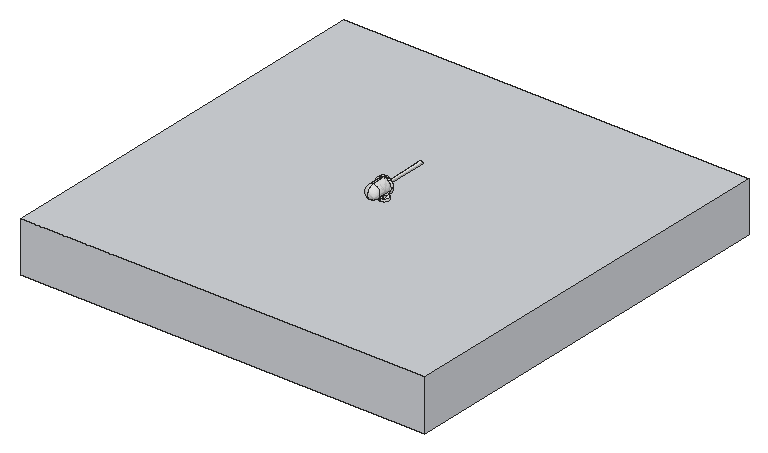
Revit family "Toilet_Brush-Grohe-Essentials-40374001", category Specialty Equipment, host Face, Revit 2014
Parameters (values of type "40374001")
  URL = "https://www.grohe.us"
  Type Comments = ""
  Product Page URL = "https://www.grohe.us/en_us/essentials-toilet-brush-set-40374001.html"
  Price = "Prices may vary. Please consult Manufacturer Representative for most up-to-date price list."  # constant formula
  Model = "40374001"
  Material = "Metal-Grohe-000-Chrome"
  Manufacturer = "Grohe"
  Length = 4 3/4"
  Installation Type = "Wall Mounted"
  Height = 15 11/16"
  Finish = Metal-Grohe-000-Chrome
  Description = "Essentials Toilet Brush Set"  # constant formula
  Default Elevation = 12"  # constant formula
  Creation Date = "07/31/2017"  # constant formula
  Assembly Code = "C1030200"
Reference planes (in)
  plane 1 "Center (Front/Back)": y = 0
  plane 2: z = 0
  plane 3 "Center (Left/Right)": x = 0
  plane 4: x = 1.88976
  plane 5: y = 10.88944
  plane 6: y = -4.81707
  plane 7: x = -1.88976
  plane 8: z = 4.75
  plane 9: y = -1.0625
  plane 10: y = 1.0625
Forms (in)
  Extrusion 1, solid
    sketch origin (0, 0, 0) x (1, 0, 0) y (0, 1, 0)
      loop
        line (-48, 48) -> (-48, -48) -> (48, -48) -> (48, 48) -> (-48, 48)
    from 0 to -12
  Revolve 2, solid, material "Metal-Grohe-000-Chrome" <- "Finish"
    sketch origin (0, 0, 0) x (0, 1, 0) y (0, 0, 1)
      loop
        line (0, 0) -> (1.06299, 0) -> (1.06299, 0.3937) -> (0.22325, 0.3937) -> (0.22325, 1.0284) -> (0, 1.0284) -> (0, 0)
      axis (0, 0) -> (0, 1.0284)
    angle from 0 to 360
  Revolve 3, solid, material "Metal-Grohe-000-Chrome" <- "Finish"
    sketch origin (0, 1.5315, -0.54786) x (0, 1, 0) y (0, 0, 1)
      loop
        line (9.35794, 3.42188) -> (9.35794, 3.73812) -> (-1, 3.73812) -> (-1, 3.42188) -> (9.35794, 3.42188)
      axis (-1, 3.42188) -> (9.35794, 3.42188)
    angle from 0 to 360
  Revolve 4, solid, material "Glass-Grohe-Opaque"
    sketch origin (0, 0.9754, -2.1044) x (0, 1, 0) y (0, 0, 1)
      loop
        line (-0.4439, 4.97842) -> (-0.4439, 6.78157) -> (-0.48327, 6.82881) -> (-0.688, 6.82881) -> (-0.688, 6.58059) -> (-4.18967, 6.58059)
        arc (-4.18967, 6.58059) -> (-5.32258, 6.11133) -> (-5.79185, 4.97842) r 1.60218
        line (-5.79185, 4.97842) -> (-5.66685, 4.97842)
        arc (-5.66685, 4.97842) -> (-5.23419, 6.02294) -> (-4.18967, 6.45559) r 1.47718
        line (-4.18967, 6.45559) -> (-0.48327, 6.45559) -> (-0.48327, 4.97842) -> (-0.4439, 4.97842)
      axis (-5.79185, 4.97842) -> (-0.4439, 4.97842)
    angle from 0 to 360
  Extrusion 5, solid, material "Metal-Grohe-000-Chrome" <- "Finish"
    sketch origin (0, 0.9754, -2.1044) x (1, 0, 0) y (0, 0, 1)
      loop
        circle (0, 4.97842) r 1.58612
      loop
        circle (0, 4.97842) r 1.88976
    from 0.72677 to 1.22146
Cuts and joins
  joined: Revolve 2, Extrusion 5
Lines and regions (in)
  Masking region 1
    outline origin (0, 0, 0) x (1, 0, 0) y (0, 0, 1)
      loop
        arc (0.22325, 0.99748) -> (0, 4.76378) -> (-0.22325, 0.99748) r 1.88976
        line (-0.22325, 0.99748) -> (-0.22325, 0.3937) -> (-1.06299, 0.3937) -> (-1.06299, 0) -> (1.06299, 0) -> (1.06299, 0.3937) -> (0.22325, 0.3937) -> (0.22325, 0.99748)
  symbolic lines, detail levels medium+fine
    curve 1: arc (-0.22325, 0, 0.99748) -> (0, 0, 0.98425) -> (0.22325, 0, 0.99748) r 1.88976
    curve 2: circle (0, 0, 2.87402) r 1.80315 normal (0, 1, 0)
    curve 4: line (-0.22325, 0, 0.3937) -> (0.22325, 0, 0.3937)
    curve 5: circle (0, 0, 2.87402) r 0.31625 normal (0, -1, 0)
  symbolic lines, detail levels fine
    curve 3: circle (0, 0, 2.87402) r 1.85039 normal (0, -1, 0)
Dimensions and locks (in)
  plane 8 to plane 2 = 4 3/4"
  plane 5 to plane 6 = 15.70651"
  aligned and locked: plane 2 to Extrusion 1
  aligned and locked: level to Extrusion 1
